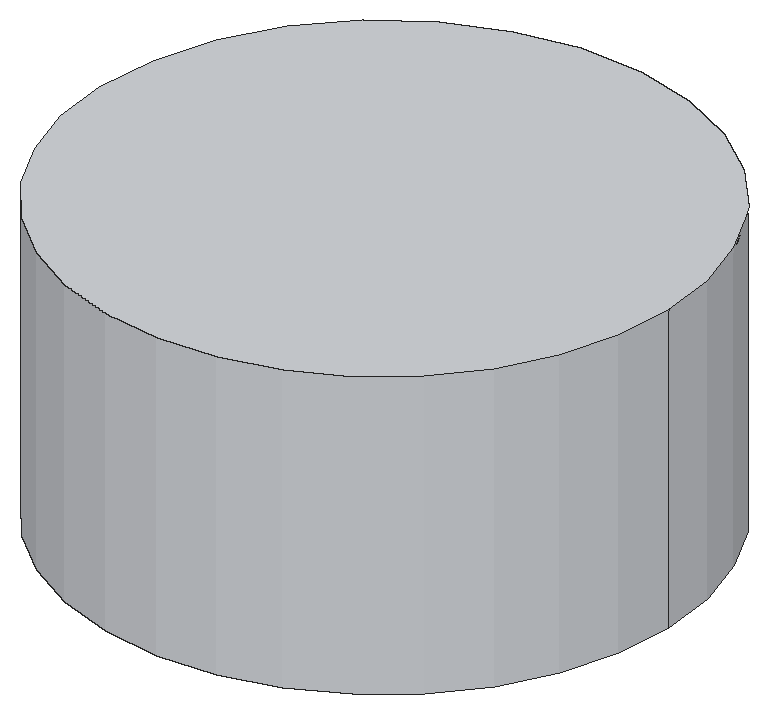
Revit family "PGT-3030-INLET FAMILY", category Generic Models, Revit 2022
Family settings
  Can host rebar = No
  Round Connector Dimension = Use Diameter
  Part Type = Normal
  Work Plane-Based = No
  Always vertical = Yes
  Cut with Voids When Loaded = No
  Maintain Annotation Orientation = No
  Shared = No
  Room Calculation Point = No
Parameters (values of type "PGT-30")
  URL = "https://www.anemostat-hvac.com/literature/PG-S-0012.pdf"
  Model = "PGT-30"
  Manufacturer = "ANEMOSTAT PRODUCTS"
  INLET_DIA = 0' - 3 7/8"
  Description = "PG-30, PGT, SUPPY/RETURN, 1/8\" PLAQUES DROP"
  Default Elevation = 0' - 0"
  Connector_1_Diameter = INLET_DIA  # 0' - 3 7/8"
Reference planes (in)
  plane 1 "Center (Front/Back)": y = 0
  plane 2: z = 0
  plane 3 "Center (Left/Right)": x = 0
Forms (in)
  Extrusion 1, solid
    sketch origin (-0.00019, -0.00003, 3.40793) x (0, 1, 0) y (1, 0, 0)
      loop
        circle (0, 0) r 0.12
    from 0 to -0.12
Dimensions and locks (in)
  aligned and locked: plane 2 to level
Connectors (in)
  hvac at (-0.00019, -0.00003, 3.40793), driven by "Connector_1_Diameter"
    settings: on Extrusion 1, index 1, duct flow 0 CFM, flow factor 0, pres drop 0.00 in-wg, loss coef 0, conn angle 0.00°, conn width 12", conn height 12", conn diameter 3 7/8", duct sys type 1, conn prof type 0, flow config 1, flow direction 1, loss method 0, conn ref index -1, conn util no, is conn primary yes, conn desc ""
